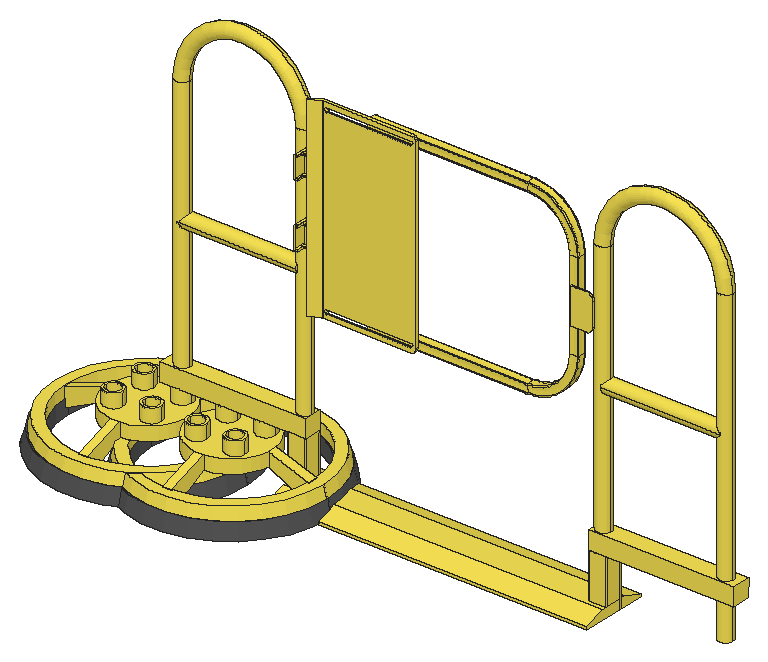
Revit family "Safety-Railing_Section_SafetyRail_Mobile-SelfClosingGateFrame", category Railings, Revit 2026
Family settings
  Classification Number = 23.30.80.11
  Cut with Voids When Loaded = No
  Shared = No
Parameters (values of type "as Specified")
  railbaseadjustb [instance] = railbaseadjust + 0' 0 1/8"  # 0' - 6 1/8"
  railbaseadjust [instance] = Height Adjustment Required + 0' 6"  # 0' - 6"
  Warranty Duration (Years) = 0
  Unit Length = 0' - 5"
  Unit Height = 3' - 7 11/16"
  URL = "http://www.safetyrailcompany.com/"
  Test Data = ""
  Standards Conformance = "OSHA Guardrail Reg 1910.23, 1926.500 - .503  ;  Made in USA"
  Specification = "http://www.arcat.com/sdspecs/htm04/05_52_00src.htm"
  SpecWizard = "http://www.arcat.com/specwizard/05522src/index04.htm"
  Side B Mobile Base Plate [instance] = yes
  Side B Base Angle Rotate [instance] = 0.00°
  Side A Mobile Base Plate [instance] = yes
  Side A Base Angle Rotate [instance] = 0.00°
  Show Insertion Points on Bases [instance] = no
  Send Message = ""
  Sales Information = "http://www.safetyrailcompany.com/contact-us/"
  Rubber Base Color [instance] = SafetyRail - Rubber - Black
  Revision = "R1_2017-08"
  Product Properties = "http://www.safetyrailcompany.com/e-brochure/"
  Product Data = "http://www.arcat.com/arcatcos/cos47/arc47628.html"
  Post OD = 0' - 1 5/8"
  Model = "SRC 360 Mobile Self-Closing Frame and Gate"
  Manufacturer Website = "http://www.safetyrailcompany.com/"
  Manufacturer Phone - Toll Free = "888-434-2720"
  Manufacturer Phone = ""
  Manufacturer Fax = "888-471-4931"
  Manufacturer Address = "4244 Shoreline Dr.  Spring Park, MN 55384"
  Manufacturer = "Safety Rail Company"
  Maintenance Schedule (Months) = 0
  built-in parameter 1001306 [instance] = 2' - 0"
  Keynote = "05 52 00"
  Installation-Fabrication = ""
  Installation Phase = ""
  Include Rubber Base [instance] = yes
  Height Adjustment Required = 0' - 0"  # constant formula
  Green Building-LEED = "http://www.arcat.com/green/clients/leed_data_47628.html"
  Fixture Finish [instance] = SafetyRail - Powder Coat - Safety Yellow
  Expected Lifespan (Years) = 0
  Drawn By = "Sumex Design, Inc. / Robert S. Weygant, CSI, CDT, SCIP"
  Description = "Safety Rail Company Non-Penetrating Fall Protection System - 360 Mobile Self-Closing Frame and Gate as Specified"
  Copyright = "©Arcat Inc."
  Construction Details = "http://www.arcat.com/details/safrail/safrail.html?coid=47628"
  Clear Opening Width = 2' - 7 1/4"
  Building Codes = ""
  Base Weight = "104 lbs per Base Plate"
  Base Plate Material [instance] = SafetyRail - Powder Coat - Safety Yellow
Reference planes (in)
  plane 1 "Center (Front/Back)": y = 0
  plane 2: z = 0
  plane 3 "Left": x = 0
  plane 4 "Right": x = 24
  plane 5: x = 5
  plane 6: z = 43.6875
  plane 7: z = 19.5
  plane 8: z = 0
Lines and regions (in)
  reference lines
    curve 1: line (0, 0, 0) -> (24, 0, 0)
    curve 2: line (0, 0, 0) -> (-6.25, 0, 0)
    curve 3: line (5, 0, 0) -> (1.25, 0, 0)
  model lines, style "StairsRailingHiddenLines"
    curve 4: line (14.79141, -1.94602, 19.5) -> (14.79141, -34.15462, 19.5)
    curve 5: arc (14.79141, -34.15462, 19.5) -> (37.52208, -24.76509, 19.5) -> (46.99976, -2.07102, 19.5) r 32.20859
Dimensions and locks (in)
  "built-in parameter 1001306": plane 3 "Left" to plane 4 "Right"
  "Unit Length": plane 5 to plane 3 "Left"
  "Unit Height": plane 6 to plane 8
  "Height Adjustment Required": plane 8 to level
  locked: plane 6 to plane 7 at 24.1875
  plane 3 "Left" to curve 4 to curve 5 = 1' - 2.79141" locked, 2' - 8.20835" locked
  "Side B Base Angle Rotate": angle curve 3 to plane 1 "Center (Front/Back)"
  "Side A Base Angle Rotate": angle curve 2 to plane 1 "Center (Front/Back)"
  aligned and locked: plane 4 "Right" to curve 1
  aligned and locked: plane 1 "Center (Front/Back)" to curve 1
  aligned and locked: plane 3 "Left" to curve 1
  aligned and locked: plane 3 "Left" to curve 2
  aligned and locked: plane 1 "Center (Front/Back)" to curve 2
  aligned and locked: plane 1 "Center (Front/Back)" to curve 3
  aligned and locked: plane 5 to curve 3
Automatic sketch dimensions
  plane 1 "Center (Front/Back)" to curve 5 = 0' - 1.94602"
  plane 1 "Center (Front/Back)" to curve 5 = 0' - 2.07102"
  curve 4 to curve 5 = 0' - 0"
Nested families (in)
  nested 1: "MobileBase" at (-2.12132, -2.12132, 0), Include Rubber Base <- "Include Rubber Base", visible <- "Side A Mobile Base Plate", Rubber Base Color <- "Rubber Base Color", Fixture Finish <- "Base Plate Material", Show Insertion Points <- "Show Insertion Points on Bases", type "MobileBase"
    with Show Insertion Points no, Rubber Base Color SafetyRail - Rubber - Black, Include Rubber Base yes, Fixture Finish SafetyRail - Powder Coat - Safety Yellow
  nested 2: "MobileBase" at (7.12132, -2.12132, 0), Include Rubber Base <- "Include Rubber Base", visible <- "Side B Mobile Base Plate", Rubber Base Color <- "Rubber Base Color", Fixture Finish <- "Base Plate Material", Show Insertion Points <- "Show Insertion Points on Bases", type "MobileBase"
    with Show Insertion Points no, Rubber Base Color SafetyRail - Rubber - Black, Include Rubber Base yes, Fixture Finish SafetyRail - Powder Coat - Safety Yellow
  nested 3: "SelfClosingFrame" at (0, 0, 0), material <- "Fixture Finish", type "SelfClosingFrame"
    with material SafetyRail - Powder Coat - Safety Yellow
  nested 4: "Gate_SafetyRail_SelfClosing_FF" at (17.25, 0.05398, 5), Railing Finish <- "Fixture Finish", type "26-32"
    with Railing Finish SafetyRail - Powder Coat - Safety Yellow, Post Size 0' - 1 11/16", Overall Width 2' - 4", Height_T.O. Gate 3' - 0", Arm Length 1' - 11 1/4"
Definition of nested family "MobileBase"
  Parameters
    Warranty Duration (Years) = 0
    Unit Width = 1' - 9 29/32"
    Unit Weight = 0
    Unit Height = 0' - 6"
    URL = ""
    Specification = ""
    SpecWizard = ""
    Show Insertion Points [instance] = yes
    Send Message = ""
    Sales Information = ""
    Rubber Base Color [instance] = none
    Revision = "R1_01-2014"
    Product Properties = ""
    Product Data = ""
    Model = "As Specified"
    Manufacturer Website = ""
    Manufacturer Phone - Toll Free = ""
    Manufacturer Phone = ""
    Manufacturer Fax = ""
    Manufacturer Address = ""
    Manufacturer = ""
    Maintenance Schedule (Months) = 0
    Keynote = ""
    Installation-Fabrication = ""
    Installation Phase = ""
    Include Rubber Base [instance] = yes
    Green Building-LEED = ""
    Fixture Finish [instance] = none
    Expected Lifespan (Years) = 0
    Drawn By = "Sumex Design, Inc. / Robert S. Weygant, CSI, CDT, SCIP"
    Description = ""
    Default Elevation = 0' - 0"  # constant formula
    Copyright = "©Arcat Inc."
    Construction Details = ""
    Assembly Code = ""
  Reference planes (in)
    plane 1 "Center (Front/Back)": y = 0
    plane 2 "Bottom": z = 0
    plane 3 "Center (Left/Right)": x = 0
    plane 4 "Top": z = 6
    plane 5: x = -2.12132
    plane 6: x = 2.12132
    plane 7: y = 2.12132
    plane 8: y = -2.12132
  Forms (in)
    Sweep 1, solid, material <- "Fixture Finish"
      path origin (0, 0, 0) x (1, 0, 0) y (0, 1, 0)
        loop
          circle (0, 0) r 10.95
      profile origin (0, 10.95, 0) x (0, -1, 0) y (0, 0, 1)
        loop
          line (0, 0) -> (2, 0) -> (2, 3) -> (0.80385, 3) -> (0, 0)
    Extrusion 2, solid, material <- "Fixture Finish"
      sketch origin (0, 0, 0) x (1, 0, 0) y (0, 1, 0)
        loop
          circle (0, 0) r 4.5
      from 3 to 4.5
    Extrusion 3, solid, material <- "Fixture Finish"
      sketch origin (0, 0, 0) x (0, 1, 0) y (0, 0, 1)
        loop
          line (8.95, 0.82959) -> (8.95, 3) -> (4.5, 4.5) -> (-4.5, 4.5) -> (-8.95, 3) -> (-8.95, 0.82959) -> (-4.5, 3) -> (4.5, 3) -> (8.95, 0.82959)
      from -0.5 to 0.5
    Extrusion 4, solid, material <- "Fixture Finish"
      sketch origin (0, 0, 0) x (1, 0, 0) y (0, 0, 1)
        loop
          line (-8.95, 0.82959) -> (-4.5, 3) -> (4.5, 3) -> (8.95, 0.82959) -> (8.95, 3) -> (4.5, 4.5) -> (-4.5, 4.5) -> (-8.95, 3) -> (-8.95, 0.82959)
      from -0.5 to 0.5
    Extrusion 5, solid, material <- "Fixture Finish"
      sketch origin (0, 0, 0) x (1, 0, 0) y (0, 1, 0)
        loop
          circle (2.12132, 2.12132) r 0.8125
        loop
          circle (2.12132, 2.12132) r 1.0625
        loop
          circle (-2.12132, 2.12132) r 0.8125
        loop
          circle (-2.12132, 2.12132) r 1.0625
        loop
          circle (2.12132, -2.12132) r 0.8125
        loop
          circle (2.12132, -2.12132) r 1.0625
        loop
          circle (-2.12132, -2.12132) r 0.8125
        loop
          circle (-2.12132, -2.12132) r 1.0625
      from 4.5 to 6
    Sweep 6, solid, material <- "Rubber Base Color", visible <- "Include Rubber Base"
      path origin (0, 0, 0) x (1, 0, 0) y (0, 1, 0)
        loop
          circle (0, 0) r 10.95
      profile origin (0, 10.95, 0) x (0, -1, 0) y (0, 0, 1)
        loop
          line (-0.07881, 0) -> (2.0625, 0) -> (2.0625, 1.73429) -> (0.3536, 1.73429) -> (-0.07881, 0)
  Cuts and joins
    joined: Extrusion 2, Extrusion 3, Extrusion 4
  Lines and regions (in)
    model lines, visible <- "Show Insertion Points"
      curve 1: line (-2.12132, 2.93382, 6) -> (-2.12132, 1.30882, 6)
      curve 2: line (-2.93382, 2.12132, 6) -> (-1.30882, 2.12132, 6)
      curve 3: line (2.12132, 2.93382, 6) -> (2.12132, 1.30882, 6)
      curve 4: line (1.30882, 2.12132, 6) -> (2.93382, 2.12132, 6)
      curve 5: line (2.12132, -1.30882, 6) -> (2.12132, -2.93382, 6)
      curve 6: line (1.30882, -2.12132, 6) -> (2.93382, -2.12132, 6)
      curve 7: line (-2.12132, -1.30882, 6) -> (-2.12132, -2.93382, 6)
      curve 8: line (-2.93382, -2.12132, 6) -> (-1.30882, -2.12132, 6)
  Dimensions and locks (in)
    locked: plane 4 "Top" to level at 6
Definition of nested family "SelfClosingFrame"
  Parameters
    material [instance] = none
    Default Elevation = 4' - 0"
  Reference planes (in)
    plane 1 "Center (Front/Back)": y = 0
    plane 2: z = 0
    plane 3 "Center (Left/Right)": x = 0
    plane 4: z = 0.25
    plane 5: x = 60
    plane 6: z = 43.8125
    plane 7: x = 30
  Forms (in)
    Extrusion 1, solid, material <- "material"
      sketch origin (12.375, 0, 0) x (0, -1, 0) y (0, 0, 1)
        loop
          line (3.69531, 0) -> (3.69531, 0.25) -> (1.55398, 1) -> (-1.55398, 1) -> (-3.69531, 0.25) -> (-3.69531, 0) -> (3.69531, 0)
      from -35.25 to 0
    Sweep 2, solid, material <- "material"
      path origin (8.704, 0, 0) x (1, 0, 0) y (0, 0, 1)
        loop
          line (-8.704, 1.875) -> (-8.704, 36.27734)
          arc (-8.704, 36.27734) -> (-1.954, 43.02734) -> (4.796, 36.27734) r 6.75
          line (4.796, 36.27734) -> (4.796, 0)
      profile origin (0, 0, 19.07617) x (-1, 0, 0) y (0, -1, 0)
        loop
          circle (0, 0) r 0.8125
    Extrusion 3, solid, material <- "material"
      sketch origin (8.704, 0, 0) x (1, 0, 0) y (0, 1, 0)
        loop
          arc (3.671, -0.875) -> (3.70761, -0.96339) -> (3.796, -1) r 0.125
          line (3.796, -1) -> (5.546, -1)
          arc (5.546, -1) -> (5.63438, -0.96339) -> (5.671, -0.875) r 0.125
          line (5.671, -0.875) -> (5.671, 0.875)
          arc (5.671, 0.875) -> (5.63438, 0.96339) -> (5.546, 1) r 0.125
          line (5.546, 1) -> (3.796, 1)
          arc (3.796, 1) -> (3.70761, 0.96339) -> (3.671, 0.875) r 0.125
          line (3.671, 0.875) -> (3.671, -0.875)
        loop
          arc (36.921, -0.875) -> (36.95761, -0.96339) -> (37.046, -1) r 0.125
          line (37.046, -1) -> (38.796, -1)
          arc (38.796, -1) -> (38.88438, -0.96339) -> (38.921, -0.875) r 0.125
          line (38.921, -0.875) -> (38.921, 0.875)
          arc (38.921, 0.875) -> (38.88438, 0.96339) -> (38.796, 1) r 0.125
          line (38.796, 1) -> (37.046, 1)
          arc (37.046, 1) -> (36.95761, 0.96339) -> (36.921, 0.875) r 0.125
          line (36.921, 0.875) -> (36.921, -0.875)
      from 0 to 6
    Extrusion 4, solid, material <- "material"
      sketch origin (8.704, 0, 6) x (-1, 0, 0) y (0, -1, 0)
        loop
          line (10.3915, -1) -> (10.3915, 1) -> (-5.671, 1) -> (-5.671, -1) -> (10.3915, -1)
        loop
          line (-52.9835, -1) -> (-36.921, -1) -> (-36.921, 1) -> (-52.9835, 1) -> (-52.9835, -1)
      from 0 to 2
    Sweep 5, solid, material <- "material"
      path origin (51.296, 0, 0) x (-1, 0, 0) y (0, 0, 1)
        loop
          line (-8.704, 1.875) -> (-8.704, 36.27734)
          arc (-8.704, 36.27734) -> (-1.954, 43.02734) -> (4.796, 36.27734) r 6.75
          line (4.796, 36.27734) -> (4.796, 0)
      profile origin (60, 0, 19.07617) x (-1, 0, 0) y (0, -1, 0)
        loop
          circle (0, 0) r 0.8125
    Extrusion 6, solid, material <- "material"
      sketch origin (0, 0, 0) x (0, 1, 0) y (0, 0, 1)
        loop
          circle (0, 22.37) r 0.8125
      from 0 to 13.18359
    Extrusion 7, solid, material <- "material"
      sketch origin (60, 0, 0) x (0, 1, 0) y (0, 0, 1)
        loop
          circle (0, 22.37) r 0.8125
      from 0 to -13.18359
  Dimensions and locks (in)
    Extrusion 1 sketch curve to Extrusion 1 sketch curve = 0' - 3.10795"
    locked: Extrusion 1 sketch curve to plane 4 at 0.75
    Extrusion 3 sketch curve to Extrusion 3 sketch curve = 0' - 2"  (x2)
    Extrusion 4 sketch curve to Extrusion 4 sketch curve = 0' - 2"  (x2)
    plane 5 to plane 3 "Center (Left/Right)" = 5' - 0"
    plane 6 to level = 3' - 7 13/16"
    aligned and locked: level to plane 2
    aligned and locked: plane 4 to Extrusion 1 sketch curve  (x2)
Definition of nested family "Gate_SafetyRail_SelfClosing_FF"
  Parameters
    Type Comments = "Overall Width adjustable between 30 and 36\" Inches"
    Post Size [instance] = 0' - 1.72224"
    Plate Width = 0' - 10 1/4"
    Overall Width [instance] = 3' - 3"
    Height_T.O. Gate = 3' - 6"
    Warranty Duration (Years) = 0
    URL = "http://www.bluewater-mfg.com"
    Specification = "http://www.arcat.com/sd/clients/bluewatm.html?coid=41461"
    Send Message = "http://admin.arcat.com/users.pl?action=UserEmail&company=BlueWater%20Mfg.,%20Inc.&coid=41461&rep=144&fax=952-448-3685&mf="
    Sales Information = "http://www.bluewater-mfg.com/Contact_Us.htm"
    Railing Height = 3' - 4 5/16"
    Railing Finish [instance] = none
    Product Properties = "http://www.arcat.com/bim/bim_info.pl?fn=Railing_BlueWater_Railing"
    Product Data = "http://www.arcat.com/arcatcos/cos41/arc41461.html"
    Model = "Component Railing"
    Manufacturer Website = "http://www.bluewater-mfg.com"
    Manufacturer Phone - Toll Free = "866-933-2935"
    Manufacturer Phone = "952-448-2935"
    Manufacturer Fax = "952-448-3685"
    Manufacturer Address = "4064 Peavey Rd., Chaska, MN 55318"
    Manufacturer = "BlueWater Mfg., Inc."
    Maintenance Schedule (Months) = 0
    Keynote = "05520"
    Installation-Fabrication = "http://www.bluewater-mfg.com/InstallTips.htm"
    Installation Phase = ""
    Green Building-LEED = "http://www.arcat.com/green/leed_info.php?coid=41461&prodid=121641&mf="
    Expected Lifespan (Years) = 0
    Drawn By = "Robert S. Weygant, CSI, CDT, SCIP"
    Description = "BlueWater Railing Section - Type as Specified in 05520"
    Default Elevation = 0' - 0"
    Copyright = "2009, ARCAT, Inc"
    Construction Details = "http://www.arcat.com/details/bluewatm/prod1127.html"
    Building Codes = "http://www.bluewater-mfg.com/OSHA.htm"
    Assembly Code = ""
    Arm Length = 2' - 9 3/4"
  Reference planes (in)
    plane 1 "Center (Front/Back)": y = -2
    plane 2: z = 0
    plane 3 "Left": x = 0
    plane 4 "End": x = 10.25
    plane 5: z = 20.5
    plane 6 "TopRailCL": z = 42
    plane 7: x = 39
    plane 8: x = 5.25
    plane 9 "Lower Hinge": z = 26.425
    plane 10 "Upper Hinge": z = 35.91
    plane 11: x = -2.82
    plane 12: x = -1.4
    plane 13 "UpperClamp": z = 34.66
    plane 14 "LowerClamp": z = 27.675
    plane 15: y = 0.125
    plane 16: x = -2.82
    plane 17 "Catch Plate": x = -4.54224
  Forms (in)
    Extrusion 1, solid, material <- "Railing Finish"
      sketch origin (0, -2, 0) x (1, 0, 0) y (0, 0, 1)
        loop
          line (0, 42) -> (0, 20.5) -> (9.75, 20.5)
          arc (9.75, 20.5) -> (10.10355, 20.64645) -> (10.25, 21) r 0.5
          line (10.25, 21) -> (10.25, 41.5)
          arc (10.25, 41.5) -> (10.10355, 41.85355) -> (9.75, 42) r 0.5
          line (9.75, 42) -> (0, 42)
        loop
          line (0.5, 41) -> (9.75, 41)
          arc (9.75, 41) -> (10, 41.25) -> (9.75, 41.5) r 0.25
          line (9.75, 41.5) -> (0.5, 41.5)
          arc (0.5, 41.5) -> (0.25, 41.25) -> (0.5, 41) r 0.25
        loop
          arc (0.5, 21.5) -> (0.25, 21.25) -> (0.5, 21) r 0.25
          line (0.5, 21) -> (9.75, 21)
          arc (9.75, 21) -> (10, 21.25) -> (9.75, 21.5) r 0.25
          line (9.75, 21.5) -> (0.5, 21.5)
      from 0 to 0.25
    Sweep 2, solid, material <- "Railing Finish"
      path origin (0, -2, 0) x (1, 0, 0) y (0, 0, 1)
        loop
          line (5.25, 41.75) -> (33.39844, 41.75)
          arc (33.39844, 41.75) -> (37.35934, 40.10934) -> (39, 36.14844) r 5.60156
          line (39, 36.14844) -> (39, 26.35156)
          arc (39, 26.35156) -> (37.35934, 22.39066) -> (33.39844, 20.75) r 5.60156
          line (33.39844, 20.75) -> (5.25, 20.75)
      profile origin (19.32422, -2, 41.75) x (0, 0, 1) y (0, -1, 0)
        loop
          arc (-0.0129, -0.08348) -> (-0.0306, -0.0306) -> (-0.08348, -0.0129) r 0.0625
          arc (-0.08348, -0.0129) -> (-0.5, -0.04196) -> (-0.91652, -0.0129) r 3
          arc (-0.91652, -0.0129) -> (-0.9694, -0.0306) -> (-0.9871, -0.08348) r 0.0625
          arc (-0.9871, -0.08348) -> (-0.95804, -0.5) -> (-0.9871, -0.91652) r 3
          arc (-0.9871, -0.91652) -> (-0.9694, -0.9694) -> (-0.91652, -0.9871) r 0.0625
          arc (-0.91652, -0.9871) -> (-0.5, -0.95804) -> (-0.08348, -0.9871) r 3
          arc (-0.08348, -0.9871) -> (-0.0306, -0.9694) -> (-0.0129, -0.91652) r 0.0625
          arc (-0.0129, -0.91652) -> (-0.04196, -0.5) -> (-0.0129, -0.08348) r 3
    Extrusion 3, solid, material <- "Railing Finish"
      sketch origin (0, -2, 0) x (1, 0, 0) y (0, 0, 1)
        loop
          line (-1.4, 35.91) -> (-2.695, 35.91)
          arc (-2.695, 35.91) -> (-2.78339, 35.87339) -> (-2.82, 35.785) r 0.125
          line (-2.82, 35.785) -> (-2.82, 33.535)
          arc (-2.82, 33.535) -> (-2.78339, 33.44661) -> (-2.695, 33.41) r 0.125
          line (-2.695, 33.41) -> (-1.4, 33.41) -> (-1.4, 33.535) -> (-2.535, 33.535)
          arc (-2.535, 33.535) -> (-2.62339, 33.57161) -> (-2.66, 33.66) r 0.125
          line (-2.66, 33.66) -> (-2.66, 35.66)
          arc (-2.66, 35.66) -> (-2.62339, 35.74839) -> (-2.535, 35.785) r 0.125
          line (-2.535, 35.785) -> (-1.4, 35.785) -> (-1.4, 35.91)
        loop
          line (-1.4, 28.925) -> (-2.695, 28.925)
          arc (-2.695, 28.925) -> (-2.78339, 28.88839) -> (-2.82, 28.8) r 0.125
          line (-2.82, 28.8) -> (-2.82, 26.55)
          arc (-2.82, 26.55) -> (-2.78339, 26.46161) -> (-2.695, 26.425) r 0.125
          line (-2.695, 26.425) -> (-1.4, 26.425) -> (-1.4, 26.55) -> (-2.535, 26.55)
          arc (-2.535, 26.55) -> (-2.62339, 26.58661) -> (-2.66, 26.675) r 0.125
          line (-2.66, 26.675) -> (-2.66, 28.675)
          arc (-2.66, 28.675) -> (-2.62339, 28.76339) -> (-2.535, 28.8) r 0.125
          line (-2.535, 28.8) -> (-1.4, 28.8) -> (-1.4, 28.925)
      from -4.04673 to 0.69141
    Extrusion 4, solid, material <- "Railing Finish"
      sketch origin (0, 0, 42) x (-1, 0, 0) y (0, -1, 0)
        loop
          line (0.125, 2) -> (1.40008, 2.62971) -> (1.28937, 2.85387) -> (0.125, 2.27883)
          arc (0.125, 2.27883) -> (0.06418, 2.25713) -> (0, 2.25) r 0.27887
          line (0, 2.25) -> (0, 2) -> (0.125, 2)
      from -21.5 to 0
    Extrusion 5, void
      sketch origin (0, 0, 34.66) x (-1, 0, 0) y (0, -1, 0)
        loop
          line (1.4, -2.04673) -> (1.9, -2.04673) -> (1.4, -1.04673) -> (1.4, -2.04673)
        loop
          line (1.4, 2.69141) -> (1.4, 1.44141) -> (1.9, 1.44141)
          arc (1.9, 1.44141) -> (2.29499, 1.60501) -> (2.45859, 2) r 0.55859
          line (2.45859, 2) -> (2.45859, 2.69141) -> (1.4, 2.69141)
      from -8.235 to 1.25
    Extrusion 6, solid, material <- "Railing Finish"
      sketch origin (0, 0, 0) x (0, 1, 0) y (0, 0, 1)
        loop
          line (-2, 35.785) -> (-2, 35.66) -> (-1.625, 35.66) -> (-1.625, 33.66) -> (-2, 33.66) -> (-2, 33.535) -> (-1.5, 33.535) -> (-1.5, 35.785) -> (-2, 35.785)
        loop
          line (-2, 28.8) -> (-2, 28.675) -> (-1.625, 28.675) -> (-1.625, 26.675) -> (-2, 26.675) -> (-2, 26.55) -> (-1.5, 26.55) -> (-1.5, 28.8) -> (-2, 28.8)
      from -2.53529 to 0
    Extrusion 7, solid, material <- "Railing Finish"
      sketch origin (0, -2, 0) x (1, 0, 0) y (0, 0, 1)
        loop
          line (38.25, 33.25) -> (38.25, 29.25) -> (40, 29.25)
          arc (40, 29.25) -> (40.53033, 29.46967) -> (40.75, 30) r 0.75
          line (40.75, 30) -> (40.75, 32.5)
          arc (40.75, 32.5) -> (40.53033, 33.03033) -> (40, 33.25) r 0.75
          line (40, 33.25) -> (38.25, 33.25)
      from 0 to 0.125
  Cuts and joins
    joined: Extrusion 1, Extrusion 4
    Extrusion 5 cuts Extrusion 3
  Dimensions and locks (in)
    "Height_T.O. Gate": plane 6 "TopRailCL" to plane 2
    locked: plane 6 "TopRailCL" to plane 5 at 21.5
    "Plate Width": plane 4 "End" to plane 3 "Left"
    "Overall Width": plane 7 to plane 3 "Left"
    "Arm Length": plane 7 to plane 8
    locked: Sweep 2 sketch curve to plane 5 at 0.25
    locked: plane 6 "TopRailCL" to Sweep 2 sketch curve at 0.25
    plane 6 "TopRailCL" to Extrusion 1 sketch curve to Extrusion 1 sketch curve = 0' - 0 1/2" locked, 0' - 0 1/2" locked
    Extrusion 1 sketch curve to Extrusion 1 sketch curve to plane 5 = 0' - 0 1/2" locked, 0' - 0 1/2" locked
    plane 6 "TopRailCL" to plane 10 "Upper Hinge" = 0' - 6.09"
    plane 9 "Lower Hinge" to plane 5 = 0' - 5.925"
    locked: Extrusion 3 sketch curve to plane 11 at 0.16
    plane 10 "Upper Hinge" to Extrusion 3 sketch curve to Extrusion 3 sketch curve to Extrusion 3 sketch curve = 0' - 0 1/8" locked, 0' - 2 1/4" locked, 0' - 0 1/8" locked
    Extrusion 3 sketch curve to Extrusion 3 sketch curve to Extrusion 3 sketch curve to Extrusion 3 sketch curve = 0' - 0 1/8" locked, 0' - 2 1/4" locked, 0' - 0 1/8" locked
    locked: Extrusion 3 to Extrusion 3 at 4.73813
    locked: plane 3 "Left" to plane 12 at 1.4
    locked: plane 10 "Upper Hinge" to plane 13 "UpperClamp" at 1.25
    locked: plane 14 "LowerClamp" to plane 9 "Lower Hinge" at 1.25
    Extrusion 6 sketch curve to Extrusion 6 sketch curve to plane 1 "Center (Front/Back)" = 0' - 0 1/8" locked, 0' - 0 3/8" locked
    Extrusion 6 sketch curve to Extrusion 6 sketch curve to Extrusion 6 sketch curve to Extrusion 6 sketch curve to plane 10 "Upper Hinge" = 0' - 0 1/8" locked, 0' - 2" locked, 0' - 0 1/8" locked, 0' - 0 1/8" locked
    locked: Extrusion 6 to plane 12 at 1.13529
    locked: Extrusion 6 sketch curve to Extrusion 6 sketch curve at 0.125
    plane 9 "Lower Hinge" to Extrusion 6 sketch curve to Extrusion 6 sketch curve to Extrusion 6 sketch curve to Extrusion 6 sketch curve = 0' - 0 1/8" locked, 0' - 0 1/8" locked, 0' - 2" locked, 0' - 0 1/8" locked
    locked: Extrusion 7 sketch curve to Extrusion 7 sketch curve at 4
    locked: plane 6 "TopRailCL" to Extrusion 7 sketch curve at 8.75
    locked: plane 7 to Extrusion 7 sketch curve at 0.75
    locked: Extrusion 7 sketch curve to Extrusion 7 sketch curve at 2.5
    locked: plane 1 "Center (Front/Back)" to Extrusion 5 sketch curve at 0.55859
    locked: Extrusion 5 sketch curve to plane 12 at 0.5
    Extrusion 5 sketch curve to Extrusion 5 sketch curve to plane 15 = 0' - 1" locked, 0' - 0.92173" locked
    locked: plane 16 to plane 12 at 1.42
    "Post Size": plane 17 "Catch Plate" to plane 16
    aligned and locked: Extrusion 1 sketch curve to plane 6 "TopRailCL"
    aligned and locked: plane 3 "Left" to Extrusion 1 sketch curve
    aligned and locked: plane 5 to Extrusion 1 sketch curve
    aligned and locked: Extrusion 1 sketch curve to plane 4 "End"
    aligned and locked: plane 8 to Sweep 2 sketch curve  (x2)
    aligned and locked: Sweep 2 sketch curve to plane 7
    aligned and locked: Extrusion 3 sketch curve to plane 11  (x2)
    aligned and locked: Extrusion 3 sketch curve to plane 10 "Upper Hinge"
    aligned and locked: Extrusion 3 sketch curve to plane 9 "Lower Hinge"
    aligned and locked: Extrusion 3 sketch curve to plane 12  (x4)
    aligned and locked: Extrusion 4 to plane 5
    aligned and locked: Extrusion 5 to plane 9 "Lower Hinge"
    aligned and locked: Extrusion 5 to plane 10 "Upper Hinge"
    aligned and locked: plane 1 "Center (Front/Back)" to Extrusion 6 sketch curve  (x2)
    aligned and locked: plane 3 "Left" to Extrusion 6
    aligned and locked: Extrusion 5 sketch curve to plane 12
    aligned and locked: plane 12 to Extrusion 5 sketch curve
    aligned and locked: cut or joined group of Extrusion 3, Extrusion 5 to Extrusion 5 sketch curve
  Automatic sketch dimensions
    Sweep 2 sketch curve to Sweep 2 sketch curve = 0' - 5 77/128"
    Sweep 2 sketch curve to plane 7 = 0' - 5 77/128"
    Sweep 2 sketch curve to plane 1 "Center (Front/Back)" = 0' - 0 1/2"  (x2)
    Sweep 2 sketch curve to plane 1 "Center (Front/Back)" = 0' - 0.0748"  (x2)
    Sweep 2 sketch curve to Sweep 2 sketch curve = 0' - 0"  (x8)
    profile plane to Sweep 2 sketch curve = 0' - 0 1/2"  (x2)
    profile plane to Sweep 2 sketch curve = 0' - 0.0748"  (x2)
    Sweep 2 sketch curve to profile plane = 0' - 2.95804"
    Sweep 2 sketch curve to plane 1 "Center (Front/Back)" = 0' - 0.9252"
    Sweep 2 sketch curve to Sweep 2 sketch curve = 0' - 3.03284"
    plane 1 "Center (Front/Back)" to Sweep 2 sketch curve = 0' - 2.95804"
    Sweep 2 sketch curve to Sweep 2 sketch curve = 0' - 0.06189"  (x2)
    Sweep 2 sketch curve to Sweep 2 sketch curve = 0' - 0.00868"  (x2)
    plane 3 "Left" to Extrusion 1 sketch curve = 0' - 0 1/2"  (x2)
    Extrusion 1 sketch curve to plane 4 "End" = 0' - 0 1/2"  (x2)
    Extrusion 1 sketch curve to Extrusion 1 sketch curve = 0' - 0"  (x2)
    plane 11 to Extrusion 3 sketch curve = 0' - 0 1/8"  (x2)
    plane 10 "Upper Hinge" to Extrusion 3 sketch curve = 0' - 0 1/8"
    Extrusion 3 sketch curve to Extrusion 3 sketch curve = 0' - 0 1/8"
    Extrusion 3 sketch curve to Extrusion 3 sketch curve = 0' - 0.035"
    Extrusion 3 sketch curve to Extrusion 3 sketch curve = 0' - 0.16"  (x4)
    plane 1 "Center (Front/Back)" to Extrusion 4 sketch curve = 0' - 0"
    Extrusion 4 sketch curve to plane 3 "Left" = 0' - 0"
    Extrusion 4 sketch curve to plane 3 "Left" = 0' - 0.00152"
    Extrusion 4 sketch curve to plane 3 "Left" = 0' - 0 1/8"
    Extrusion 4 sketch curve to Extrusion 4 sketch curve = 0' - 0 1/8"
    Extrusion 4 sketch curve to plane 12 = 0' - 0.11063"
    plane 12 to Extrusion 4 sketch curve = 0' - 0.00008"
    Extrusion 4 sketch curve to Extrusion 4 sketch curve = 0' - 0 1/4"
    Extrusion 4 sketch curve to Extrusion 4 sketch curve = 0' - 0.02883"
    Extrusion 6 sketch curve to plane 1 "Center (Front/Back)" = 0' - 0"  (x2)
    Extrusion 6 sketch curve to plane 1 "Center (Front/Back)" = 0' - 0 3/8"
    plane 7 to Extrusion 7 sketch curve = 0' - 1"  (x2)
    plane 1 "Center (Front/Back)" to Extrusion 5 sketch curve = 0' - 0"
    Extrusion 5 sketch curve to Extrusion 5 sketch curve = 0' - 0 1/2"
